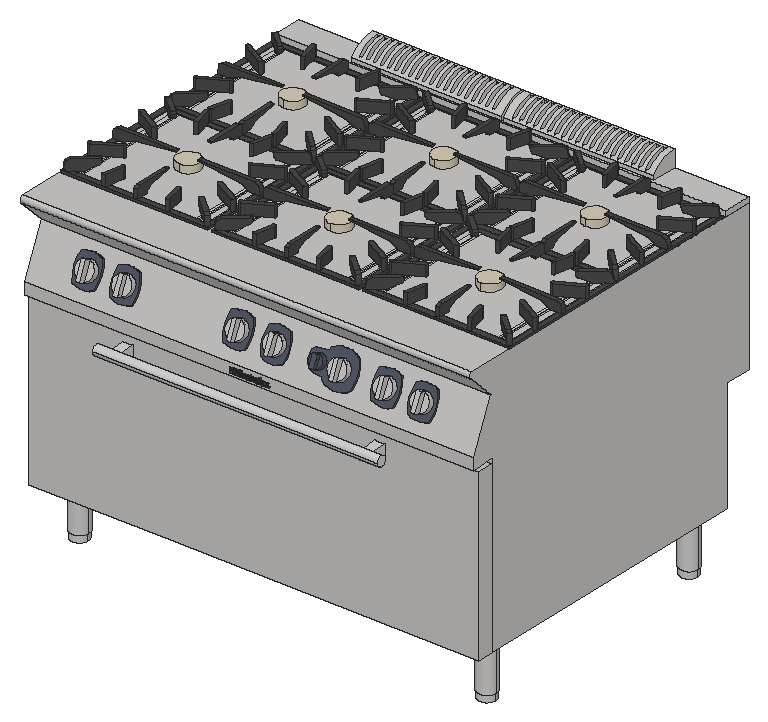
Revit family "QF_ELECTROLUXPROFESSIONAL_391581_E9AAOTBJMII", category Attrezzature speciali, Revit 2018 (continued)
Automatic sketch dimensions
  Extrusion 7 sketch curve to Extrusion 7 sketch curve = 1.139 mm
  Extrusion 7 sketch curve to Extrusion 7 sketch curve = 3.102 mm
  Extrusion 7 sketch curve to Extrusion 7 sketch curve = 4.032 mm
  Extrusion 7 sketch curve to Extrusion 7 sketch curve = 0.404 mm
  Extrusion 7 sketch curve to Extrusion 7 sketch curve = 5.898 mm
  plane 11 to Extrusion 7 sketch curve = 8.549 mm
  Extrusion 7 sketch curve to plane 11 = 30 mm
  Extrusion 7 sketch curve to plane 10 = 298.908 mm
  Extrusion 7 sketch curve to Extrusion 7 sketch curve = 3.343 mm
  Extrusion 7 sketch curve to Extrusion 7 sketch curve = 2.066 mm
  Extrusion 7 sketch curve to Extrusion 7 sketch curve = 5.312 mm
  Extrusion 7 sketch curve to Extrusion 7 sketch curve = 28.009 mm
  plane 11 to Extrusion 8 sketch curve = 22.852 mm
  Extrusion 8 sketch curve to Extrusion 8 sketch curve = 0 mm  (x2)
  Extrusion 8 sketch curve to Extrusion 8 sketch curve = 1.139 mm
  Extrusion 8 sketch curve to Extrusion 8 sketch curve = 3.102 mm
  Extrusion 8 sketch curve to Extrusion 8 sketch curve = 4.032 mm
  Extrusion 8 sketch curve to Extrusion 8 sketch curve = 0.404 mm
  Extrusion 8 sketch curve to Extrusion 8 sketch curve = 5.898 mm
  plane 11 to Extrusion 8 sketch curve = 8.549 mm
  Extrusion 8 sketch curve to plane 11 = 30 mm
  Extrusion 8 sketch curve to plane 10 = 270.899 mm
  Extrusion 8 sketch curve to Extrusion 8 sketch curve = 2.705 mm
  Extrusion 8 sketch curve to Extrusion 8 sketch curve = 5.987 mm
  Extrusion 8 sketch curve to Extrusion 8 sketch curve = 5.312 mm
  Extrusion 8 sketch curve to Extrusion 8 sketch curve = 28.009 mm
  plane 11 to Extrusion 9 sketch curve = 19.749 mm
  Extrusion 9 sketch curve to plane 10 = 279.591 mm
  Extrusion 10 sketch curve to plane 18 = 228.904 mm
  Extrusion 10 sketch curve to Extrusion 10 sketch curve = 0 mm
  Extrusion 10 sketch curve to Extrusion 10 sketch curve = 12.3 mm  (x3)
  Extrusion 10 sketch curve to Extrusion 10 sketch curve = 34.925 mm  (x2)
  Extrusion 10 sketch curve to Extrusion 10 sketch curve = 46.691 mm
  Extrusion 10 sketch curve to Extrusion 10 sketch curve = 0.617 mm
  Extrusion 10 sketch curve to Extrusion 10 sketch curve = 28.57 mm
  Extrusion 10 sketch curve to Extrusion 10 sketch curve = 29.185 mm
  Extrusion 12 sketch curve to Extrusion 12 sketch curve = 24.732 mm
  Extrusion 12 sketch curve to Extrusion 12 sketch curve = 0 mm
  Extrusion 13 sketch curve to Extrusion 13 sketch curve = 0 mm  (x2)
  plane 7 "Center Y" to Extrusion 13 sketch curve = 190.859 mm
  Extrusion 13 sketch curve to Extrusion 13 sketch curve = 112.63 mm
  Extrusion 13 sketch curve to Extrusion 13 sketch curve = 1.398 mm
  Extrusion 13 sketch curve to Extrusion 13 sketch curve = 5.918 mm
  Extrusion 13 sketch curve to Extrusion 13 sketch curve = 7.825 mm
  Extrusion 13 sketch curve to Extrusion 13 sketch curve = 12.433 mm
  Extrusion 13 sketch curve to Extrusion 13 sketch curve = 33.329 mm
  Extrusion 13 sketch curve to Extrusion 13 sketch curve = 28.808 mm
  Extrusion 13 sketch curve to Extrusion 13 sketch curve = 2.986 mm
  Extrusion 13 sketch curve to Extrusion 13 sketch curve = 35.441 mm
  Extrusion 13 sketch curve to Extrusion 13 sketch curve = 23.969 mm
  Extrusion 13 sketch curve to Extrusion 13 sketch curve = 31.993 mm
  Extrusion 13 sketch curve to Extrusion 13 sketch curve = 0.131 mm
  Extrusion 13 sketch curve to Extrusion 13 sketch curve = 36.738 mm
  Extrusion 13 sketch curve to Extrusion 13 sketch curve = 6.105 mm
  Extrusion 13 sketch curve to Extrusion 13 sketch curve = 30.968 mm
  Extrusion 13 sketch curve to Extrusion 13 sketch curve = 0.002 mm
  Extrusion 13 sketch curve to Extrusion 13 sketch curve = 38.412 mm
  Extrusion 13 sketch curve to Extrusion 13 sketch curve = 39.831 mm
  Extrusion 13 sketch curve to Extrusion 13 sketch curve = 6.427 mm
  Extrusion 13 sketch curve to Extrusion 13 sketch curve = 11.842 mm
  Extrusion 15 sketch curve to Extrusion 15 sketch curve = 24.732 mm
  Extrusion 15 sketch curve to Extrusion 15 sketch curve = 0 mm
  Extrusion 17 sketch curve to Extrusion 17 sketch curve = 0 mm
  Extrusion 17 sketch curve to Extrusion 17 sketch curve = 7.232 mm  (x3)
  Extrusion 17 sketch curve to Extrusion 17 sketch curve = 17.5 mm
  Extrusion 17 sketch curve to Extrusion 17 sketch curve = 5.786 mm
  Extrusion 18 sketch curve to plane 17 = 61.596 mm
  Extrusion 18 sketch curve to Extrusion 18 sketch curve = 0 mm
  Extrusion 18 sketch curve to Extrusion 18 sketch curve = 12.3 mm  (x3)
  Extrusion 18 sketch curve to Extrusion 18 sketch curve = 34.925 mm  (x2)
  Extrusion 18 sketch curve to plane 17 = 35.869 mm
  Extrusion 18 sketch curve to Extrusion 18 sketch curve = 46.691 mm
  Extrusion 18 sketch curve to Extrusion 18 sketch curve = 26.344 mm
  Extrusion 18 sketch curve to Extrusion 18 sketch curve = 28.57 mm
  Extrusion 20 sketch curve to Extrusion 20 sketch curve = 24.732 mm
  Extrusion 20 sketch curve to Extrusion 20 sketch curve = 0 mm
  Extrusion 21 sketch curve to plane 17 = 161.596 mm
  Extrusion 21 sketch curve to Extrusion 21 sketch curve = 0 mm
  Extrusion 21 sketch curve to Extrusion 21 sketch curve = 12.3 mm  (x3)
  Extrusion 21 sketch curve to Extrusion 21 sketch curve = 34.925 mm  (x2)
  Extrusion 21 sketch curve to Extrusion 21 sketch curve = 46.691 mm
  Extrusion 21 sketch curve to Extrusion 21 sketch curve = 0.617 mm
  Extrusion 21 sketch curve to Extrusion 21 sketch curve = 28.57 mm
  Extrusion 21 sketch curve to Extrusion 21 sketch curve = 29.185 mm
  Extrusion 23 sketch curve to Extrusion 23 sketch curve = 24.732 mm
  Extrusion 23 sketch curve to Extrusion 23 sketch curve = 0 mm
  Extrusion 24 sketch curve to plane 1 "BACK" = 0 mm
  Extrusion 24 sketch curve to plane 6 "TOP" = 0 mm
  plane 1 "BACK" to Extrusion 24 sketch curve = 1.769 mm
  plane 10 to Extrusion 24 sketch curve = 23.813 mm
  plane 1 "BACK" to Extrusion 24 sketch curve = 69.85 mm
  plane 10 to Extrusion 24 sketch curve = 14.288 mm
  Extrusion 25 sketch curve to plane 18 = 131.404 mm
  Extrusion 25 sketch curve to Extrusion 25 sketch curve = 0 mm
  Extrusion 25 sketch curve to Extrusion 25 sketch curve = 12.3 mm  (x3)
  Extrusion 25 sketch curve to Extrusion 25 sketch curve = 34.925 mm  (x2)
  Extrusion 25 sketch curve to Extrusion 25 sketch curve = 46.691 mm
  Extrusion 25 sketch curve to Extrusion 25 sketch curve = 0.617 mm
  Extrusion 25 sketch curve to Extrusion 25 sketch curve = 28.57 mm
  Extrusion 25 sketch curve to Extrusion 25 sketch curve = 29.185 mm
  Extrusion 27 sketch curve to Extrusion 27 sketch curve = 24.732 mm
  Extrusion 27 sketch curve to Extrusion 27 sketch curve = 0 mm
  Extrusion 28 sketch curve to plane 7 "Center Y" = 79.904 mm
  Extrusion 28 sketch curve to plane 7 "Center Y" = 21.528 mm
  Extrusion 28 sketch curve to Extrusion 28 sketch curve = 0 mm
  Extrusion 28 sketch curve to Extrusion 28 sketch curve = 12.3 mm  (x3)
  plane 7 "Center Y" to Extrusion 28 sketch curve = 3.586 mm
  Extrusion 28 sketch curve to Extrusion 28 sketch curve = 34.925 mm  (x2)
  Extrusion 28 sketch curve to Extrusion 28 sketch curve = 46.691 mm
  Extrusion 28 sketch curve to plane 7 "Center Y" = 22.141 mm
  Extrusion 30 sketch curve to Extrusion 30 sketch curve = 24.732 mm
  Extrusion 30 sketch curve to Extrusion 30 sketch curve = 0 mm
  plane 7 "Center Y" to Extrusion 31 sketch curve = 20.096 mm
  Extrusion 31 sketch curve to Extrusion 31 sketch curve = 0 mm
  Extrusion 31 sketch curve to Extrusion 31 sketch curve = 12.3 mm  (x3)
  Extrusion 31 sketch curve to Extrusion 31 sketch curve = 34.925 mm  (x2)
  Extrusion 31 sketch curve to plane 7 "Center Y" = 5.631 mm
  Extrusion 31 sketch curve to Extrusion 31 sketch curve = 46.691 mm
  plane 7 "Center Y" to Extrusion 31 sketch curve = 20.714 mm
  Extrusion 31 sketch curve to Extrusion 31 sketch curve = 25.114 mm
  Extrusion 33 sketch curve to Extrusion 33 sketch curve = 24.732 mm
  Extrusion 33 sketch curve to Extrusion 33 sketch curve = 0 mm
  plane 7 "Center Y" to Extrusion 34 sketch curve = 21.292 mm
  Extrusion 34 sketch curve to plane 10 = 237.967 mm
  Extrusion 34 sketch curve to plane 7 "Center Y" = 13.807 mm
  Extrusion 34 sketch curve to Extrusion 34 sketch curve = 5.041 mm
  plane 7 "Center Y" to Extrusion 34 sketch curve = 5.969 mm
  Extrusion 34 sketch curve to Extrusion 34 sketch curve = 5.06 mm
  Extrusion 34 sketch curve to Extrusion 34 sketch curve = 0 mm  (x27)
  Extrusion 34 sketch curve to Extrusion 34 sketch curve = 5.108 mm  (x2)
  Extrusion 34 sketch curve to Extrusion 34 sketch curve = 0.054 mm
  Extrusion 34 sketch curve to Extrusion 34 sketch curve = 0.218 mm
  Extrusion 34 sketch curve to Extrusion 34 sketch curve = 0.195 mm
  Extrusion 34 sketch curve to Extrusion 34 sketch curve = 0.249 mm
  Extrusion 34 sketch curve to Extrusion 34 sketch curve = 0.316 mm
  Extrusion 34 sketch curve to Extrusion 34 sketch curve = 0.087 mm
  Extrusion 34 sketch curve to Extrusion 34 sketch curve = 0.358 mm
  Extrusion 34 sketch curve to Extrusion 34 sketch curve = 0.481 mm
  Extrusion 34 sketch curve to Extrusion 34 sketch curve = 0.597 mm
  Extrusion 34 sketch curve to Extrusion 34 sketch curve = 0.544 mm
  Extrusion 34 sketch curve to Extrusion 34 sketch curve = 0.936 mm
  Extrusion 34 sketch curve to Extrusion 34 sketch curve = 0.594 mm
  Extrusion 34 sketch curve to Extrusion 34 sketch curve = 0.343 mm
  Extrusion 34 sketch curve to Extrusion 34 sketch curve = 0.159 mm
  Extrusion 34 sketch curve to Extrusion 34 sketch curve = 0.826 mm
  Extrusion 34 sketch curve to Extrusion 34 sketch curve = 0.839 mm
  Extrusion 34 sketch curve to Extrusion 34 sketch curve = 0.852 mm
  Extrusion 34 sketch curve to Extrusion 34 sketch curve = 0.887 mm
  Extrusion 34 sketch curve to Extrusion 34 sketch curve = 0.928 mm
  Extrusion 34 sketch curve to Extrusion 34 sketch curve = 0.938 mm
  Extrusion 34 sketch curve to Extrusion 34 sketch curve = 0.444 mm
  Extrusion 34 sketch curve to Extrusion 34 sketch curve = 1.11 mm  (x3)
  plane 7 "Center Y" to Extrusion 34 sketch curve = 43.726 mm
  Extrusion 34 sketch curve to Extrusion 34 sketch curve = 0.215 mm
  plane 7 "Center Y" to Extrusion 34 sketch curve = 0.332 mm
  Extrusion 34 sketch curve to Extrusion 34 sketch curve = 1.43 mm
  Extrusion 34 sketch curve to Extrusion 34 sketch curve = 1.188 mm
  Extrusion 34 sketch curve to Extrusion 34 sketch curve = 1.21 mm  (x2)
  Extrusion 34 sketch curve to Extrusion 34 sketch curve = 0.503 mm
  plane 7 "Center Y" to Extrusion 34 sketch curve = 48.995 mm
  Extrusion 34 sketch curve to Extrusion 34 sketch curve = 0.488 mm
  plane 7 "Center Y" to Extrusion 34 sketch curve = 52.922 mm
  Extrusion 34 sketch curve to Extrusion 34 sketch curve = 0.462 mm
  Extrusion 34 sketch curve to Extrusion 34 sketch curve = 1.386 mm
  Extrusion 34 sketch curve to Extrusion 34 sketch curve = 1.742 mm
  Extrusion 34 sketch curve to Extrusion 34 sketch curve = 0.821 mm
  Extrusion 34 sketch curve to Extrusion 34 sketch curve = 0.497 mm
  Extrusion 34 sketch curve to Extrusion 34 sketch curve = 0.539 mm
  Extrusion 34 sketch curve to Extrusion 34 sketch curve = 0.686 mm
  Extrusion 34 sketch curve to plane 7 "Center Y" = 0.042 mm
  Extrusion 34 sketch curve to Extrusion 34 sketch curve = 0.408 mm
  Extrusion 34 sketch curve to Extrusion 34 sketch curve = 0.743 mm
  Extrusion 34 sketch curve to Extrusion 34 sketch curve = 1.16 mm
  Extrusion 34 sketch curve to Extrusion 34 sketch curve = 0.329 mm
  Extrusion 34 sketch curve to Extrusion 34 sketch curve = 1.054 mm
  Extrusion 34 sketch curve to Extrusion 34 sketch curve = 1.056 mm
  Extrusion 34 sketch curve to Extrusion 34 sketch curve = 0.129 mm
  Extrusion 34 sketch curve to Extrusion 34 sketch curve = 0.489 mm
  Extrusion 34 sketch curve to plane 7 "Center Y" = 0.376 mm
  Extrusion 34 sketch curve to Extrusion 34 sketch curve = 0.441 mm
  Extrusion 34 sketch curve to Extrusion 34 sketch curve = 1.151 mm
  Extrusion 34 sketch curve to Extrusion 34 sketch curve = 1.141 mm  (x2)
  Extrusion 34 sketch curve to Extrusion 34 sketch curve = 0.768 mm
  Extrusion 34 sketch curve to Extrusion 34 sketch curve = 1.653 mm
  Extrusion 34 sketch curve to Extrusion 34 sketch curve = 0.499 mm
  Extrusion 34 sketch curve to Extrusion 34 sketch curve = 0.964 mm
  Extrusion 34 sketch curve to Extrusion 34 sketch curve = 0.949 mm
  Extrusion 34 sketch curve to Extrusion 34 sketch curve = 1.345 mm  (x3)
  Extrusion 34 sketch curve to Extrusion 34 sketch curve = 1.101 mm
  Extrusion 34 sketch curve to Extrusion 34 sketch curve = 0.432 mm
  Extrusion 34 sketch curve to Extrusion 34 sketch curve = 1.142 mm
  Extrusion 34 sketch curve to Extrusion 34 sketch curve = 0.959 mm
  Extrusion 34 sketch curve to Extrusion 34 sketch curve = 0.176 mm
  Extrusion 34 sketch curve to Extrusion 34 sketch curve = 0.728 mm
  Extrusion 34 sketch curve to Extrusion 34 sketch curve = 3.375 mm  (x2)
  Extrusion 34 sketch curve to Extrusion 34 sketch curve = 0.541 mm
  Extrusion 34 sketch curve to Extrusion 34 sketch curve = 0.955 mm
  Extrusion 34 sketch curve to Extrusion 34 sketch curve = 1.251 mm
  Extrusion 34 sketch curve to Extrusion 34 sketch curve = 0.572 mm
  plane 7 "Center Y" to Extrusion 34 sketch curve = 47.619 mm
  Extrusion 34 sketch curve to Extrusion 34 sketch curve = 1.92 mm
  Extrusion 34 sketch curve to Extrusion 34 sketch curve = 1.224 mm
  Extrusion 34 sketch curve to Extrusion 34 sketch curve = 0.745 mm
  Extrusion 34 sketch curve to Extrusion 34 sketch curve = 0.036 mm
  Extrusion 34 sketch curve to Extrusion 34 sketch curve = 0.896 mm  (x3)
  Extrusion 34 sketch curve to Extrusion 34 sketch curve = 2.607 mm
  Extrusion 34 sketch curve to Extrusion 34 sketch curve = 0.066 mm
  Extrusion 34 sketch curve to Extrusion 34 sketch curve = 0.248 mm
  Extrusion 34 sketch curve to Extrusion 34 sketch curve = 0.449 mm
  plane 7 "Center Y" to Extrusion 34 sketch curve = 46.838 mm
  Extrusion 34 sketch curve to Extrusion 34 sketch curve = 1.052 mm
  Extrusion 34 sketch curve to Extrusion 34 sketch curve = 1.863 mm
  Extrusion 34 sketch curve to Extrusion 34 sketch curve = 1.31 mm  (x2)
  Extrusion 34 sketch curve to Extrusion 34 sketch curve = 0.901 mm
  Extrusion 34 sketch curve to Extrusion 34 sketch curve = 1.107 mm
  Extrusion 34 sketch curve to Extrusion 34 sketch curve = 2.122 mm
  Extrusion 34 sketch curve to Extrusion 34 sketch curve = 2.101 mm
  Extrusion 34 sketch curve to Extrusion 34 sketch curve = 0.106 mm
  Extrusion 34 sketch curve to Extrusion 34 sketch curve = 0.029 mm
  plane 7 "Center Y" to Extrusion 34 sketch curve = 49.641 mm
  Extrusion 34 sketch curve to Extrusion 34 sketch curve = 2.09 mm
  Extrusion 34 sketch curve to Extrusion 34 sketch curve = 1.279 mm
  Extrusion 34 sketch curve to Extrusion 34 sketch curve = 2.008 mm
  Extrusion 34 sketch curve to Extrusion 34 sketch curve = 0.738 mm
  Extrusion 34 sketch curve to Extrusion 34 sketch curve = 0.382 mm
  Extrusion 34 sketch curve to Extrusion 34 sketch curve = 0.384 mm
  Extrusion 34 sketch curve to Extrusion 34 sketch curve = 0.002 mm
  Extrusion 34 sketch curve to Extrusion 34 sketch curve = 0.561 mm
  Extrusion 34 sketch curve to Extrusion 34 sketch curve = 0.592 mm
  Extrusion 34 sketch curve to Extrusion 34 sketch curve = 2.692 mm
  Extrusion 34 sketch curve to Extrusion 34 sketch curve = 1.259 mm
  plane 7 "Center Y" to Extrusion 34 sketch curve = 48.858 mm
  Extrusion 34 sketch curve to Extrusion 34 sketch curve = 0.802 mm
  Extrusion 34 sketch curve to Extrusion 34 sketch curve = 1.024 mm
  Extrusion 34 sketch curve to Extrusion 34 sketch curve = 0.682 mm
  Extrusion 34 sketch curve to Extrusion 34 sketch curve = 5.934 mm
  Extrusion 34 sketch curve to Extrusion 34 sketch curve = 2.186 mm
  Extrusion 34 sketch curve to Extrusion 34 sketch curve = 0.337 mm
  Extrusion 34 sketch curve to Extrusion 34 sketch curve = 0.021 mm
  Extrusion 34 sketch curve to Extrusion 34 sketch curve = 1.005 mm
  Extrusion 34 sketch curve to Extrusion 34 sketch curve = 0.552 mm
  Extrusion 34 sketch curve to Extrusion 34 sketch curve = 0.778 mm
  Extrusion 34 sketch curve to Extrusion 34 sketch curve = 0.063 mm
  Extrusion 34 sketch curve to Extrusion 34 sketch curve = 1.023 mm
  Extrusion 34 sketch curve to Extrusion 34 sketch curve = 3.804 mm
  Extrusion 34 sketch curve to Extrusion 34 sketch curve = 0.486 mm
  Extrusion 34 sketch curve to Extrusion 34 sketch curve = 0.266 mm
  Extrusion 34 sketch curve to plane 7 "Center Y" = 0.787 mm
  Extrusion 34 sketch curve to Extrusion 34 sketch curve = 1.547 mm
  Extrusion 34 sketch curve to Extrusion 34 sketch curve = 0.717 mm  (x2)
  Extrusion 34 sketch curve to Extrusion 34 sketch curve = 1.667 mm
  plane 7 "Center Y" to Extrusion 34 sketch curve = 44.532 mm
  Extrusion 34 sketch curve to Extrusion 34 sketch curve = 3.174 mm
  plane 7 "Center Y" to Extrusion 34 sketch curve = 0.368 mm
  Extrusion 34 sketch curve to Extrusion 34 sketch curve = 0.388 mm
  Extrusion 34 sketch curve to Extrusion 34 sketch curve = 1.342 mm
  plane 7 "Center Y" to Extrusion 34 sketch curve = 50.135 mm
  Extrusion 34 sketch curve to Extrusion 34 sketch curve = 1.521 mm
  plane 7 "Center Y" to Extrusion 34 sketch curve = 51.694 mm
  Extrusion 34 sketch curve to Extrusion 34 sketch curve = 0.124 mm
  Extrusion 34 sketch curve to Extrusion 34 sketch curve = 0.291 mm
  plane 7 "Center Y" to Extrusion 34 sketch curve = 7.285 mm
  Extrusion 34 sketch curve to Extrusion 34 sketch curve = 1.049 mm  (x2)
  plane 7 "Center Y" to Extrusion 34 sketch curve = 47.668 mm
  Extrusion 34 sketch curve to Extrusion 34 sketch curve = 1.7 mm
  Extrusion 34 sketch curve to Extrusion 34 sketch curve = 0.894 mm
  Extrusion 34 sketch curve to Extrusion 34 sketch curve = 0.989 mm
  Extrusion 34 sketch curve to Extrusion 34 sketch curve = 1.168 mm
  Extrusion 34 sketch curve to Extrusion 34 sketch curve = 1.594 mm
  Extrusion 34 sketch curve to Extrusion 34 sketch curve = 0.731 mm
  Extrusion 34 sketch curve to Extrusion 34 sketch curve = 1.566 mm
  Extrusion 34 sketch curve to Extrusion 34 sketch curve = 0.064 mm
  plane 7 "Center Y" to Extrusion 34 sketch curve = 7.842 mm
  Extrusion 34 sketch curve to Extrusion 34 sketch curve = 0.556 mm
  Extrusion 34 sketch curve to Extrusion 34 sketch curve = 0.48 mm
  Extrusion 34 sketch curve to Extrusion 34 sketch curve = 0.228 mm
  Extrusion 34 sketch curve to Extrusion 34 sketch curve = 1.018 mm
  plane 7 "Center Y" to Extrusion 34 sketch curve = 37.429 mm
  Extrusion 34 sketch curve to Extrusion 34 sketch curve = 0.787 mm
  Extrusion 34 sketch curve to Extrusion 34 sketch curve = 0.618 mm
  plane 7 "Center Y" to Extrusion 34 sketch curve = 42.486 mm
  Extrusion 34 sketch curve to Extrusion 34 sketch curve = 1.672 mm
  plane 7 "Center Y" to Extrusion 34 sketch curve = 53.436 mm
  Extrusion 34 sketch curve to Extrusion 34 sketch curve = 1.361 mm
  Extrusion 34 sketch curve to Extrusion 34 sketch curve = 0.822 mm
  Extrusion 34 sketch curve to Extrusion 34 sketch curve = 0.069 mm
  Extrusion 34 sketch curve to Extrusion 34 sketch curve = 1.88 mm
  plane 7 "Center Y" to Extrusion 34 sketch curve = 35.269 mm
  Extrusion 34 sketch curve to Extrusion 34 sketch curve = 0.42 mm
  Extrusion 34 sketch curve to Extrusion 34 sketch curve = 0.062 mm
  Extrusion 34 sketch curve to Extrusion 34 sketch curve = 1.355 mm
  Extrusion 34 sketch curve to Extrusion 34 sketch curve = 2.34 mm
  Extrusion 34 sketch curve to Extrusion 34 sketch curve = 0.493 mm
  Extrusion 34 sketch curve to Extrusion 34 sketch curve = 0.136 mm
  Extrusion 34 sketch curve to Extrusion 34 sketch curve = 0.128 mm
  Extrusion 34 sketch curve to Extrusion 34 sketch curve = 3.616 mm
  Extrusion 34 sketch curve to Extrusion 34 sketch curve = 4.207 mm
  Extrusion 34 sketch curve to Extrusion 34 sketch curve = 0.183 mm
  Extrusion 34 sketch curve to Extrusion 34 sketch curve = 0.895 mm
  Extrusion 34 sketch curve to Extrusion 34 sketch curve = 1.314 mm
  Extrusion 34 sketch curve to Extrusion 34 sketch curve = 3.231 mm
  Extrusion 34 sketch curve to plane 7 "Center Y" = 23.526 mm
  Extrusion 34 sketch curve to Extrusion 34 sketch curve = 1.299 mm
  Extrusion 34 sketch curve to Extrusion 34 sketch curve = 1.214 mm
  plane 7 "Center Y" to Extrusion 34 sketch curve = 26.369 mm
  Extrusion 34 sketch curve to Extrusion 34 sketch curve = 1.264 mm
  Extrusion 34 sketch curve to Extrusion 34 sketch curve = 0.109 mm
  Extrusion 34 sketch curve to Extrusion 34 sketch curve = 0.357 mm
  Extrusion 34 sketch curve to Extrusion 34 sketch curve = 0.565 mm
  Extrusion 34 sketch curve to Extrusion 34 sketch curve = 2.504 mm
  Extrusion 34 sketch curve to Extrusion 34 sketch curve = 2.459 mm
  Extrusion 34 sketch curve to Extrusion 34 sketch curve = 0.983 mm
  Extrusion 34 sketch curve to Extrusion 34 sketch curve = 0.422 mm  (x2)
  Extrusion 34 sketch curve to Extrusion 34 sketch curve = 1.268 mm
  Extrusion 34 sketch curve to Extrusion 34 sketch curve = 0.671 mm
  Extrusion 34 sketch curve to Extrusion 34 sketch curve = 1.634 mm
  Extrusion 34 sketch curve to Extrusion 34 sketch curve = 0.132 mm
  Extrusion 34 sketch curve to Extrusion 34 sketch curve = 0.586 mm
  Extrusion 34 sketch curve to Extrusion 34 sketch curve = 1.241 mm
  Extrusion 34 sketch curve to Extrusion 34 sketch curve = 1.689 mm
  Extrusion 34 sketch curve to Extrusion 34 sketch curve = 0.627 mm
  Extrusion 34 sketch curve to Extrusion 34 sketch curve = 0.419 mm
  Extrusion 34 sketch curve to Extrusion 34 sketch curve = 1.514 mm
  Extrusion 34 sketch curve to Extrusion 34 sketch curve = 1.019 mm
  Extrusion 34 sketch curve to Extrusion 34 sketch curve = 0.065 mm
  Extrusion 34 sketch curve to Extrusion 34 sketch curve = 1.215 mm
  Extrusion 34 sketch curve to Extrusion 34 sketch curve = 1.122 mm
  Extrusion 34 sketch curve to Extrusion 34 sketch curve = 1.153 mm
  Extrusion 34 sketch curve to Extrusion 34 sketch curve = 1.223 mm
  Extrusion 34 sketch curve to Extrusion 34 sketch curve = 0.934 mm
  Extrusion 34 sketch curve to Extrusion 34 sketch curve = 3.376 mm
  Extrusion 34 sketch curve to Extrusion 34 sketch curve = 0.222 mm
  Extrusion 34 sketch curve to Extrusion 34 sketch curve = 1.383 mm
  Extrusion 34 sketch curve to Extrusion 34 sketch curve = 1.556 mm
  Extrusion 34 sketch curve to Extrusion 34 sketch curve = 2.559 mm
  Extrusion 34 sketch curve to Extrusion 34 sketch curve = 2.51 mm
  Extrusion 34 sketch curve to Extrusion 34 sketch curve = 0.131 mm
  Extrusion 34 sketch curve to Extrusion 34 sketch curve = 1.134 mm
  Extrusion 34 sketch curve to Extrusion 34 sketch curve = 0.094 mm
  Extrusion 34 sketch curve to Extrusion 34 sketch curve = 1.584 mm
  Extrusion 34 sketch curve to Extrusion 34 sketch curve = 0.27 mm
  Extrusion 34 sketch curve to Extrusion 34 sketch curve = 0.916 mm
  Extrusion 34 sketch curve to Extrusion 34 sketch curve = 0.352 mm
  Extrusion 34 sketch curve to Extrusion 34 sketch curve = 0.458 mm
  Extrusion 34 sketch curve to Extrusion 34 sketch curve = 1.282 mm
  Extrusion 34 sketch curve to Extrusion 34 sketch curve = 1.363 mm
  Extrusion 34 sketch curve to Extrusion 34 sketch curve = 0.685 mm
  Extrusion 34 sketch curve to Extrusion 34 sketch curve = 0.905 mm
  Extrusion 34 sketch curve to Extrusion 34 sketch curve = 1.477 mm
  Extrusion 34 sketch curve to Extrusion 34 sketch curve = 0.472 mm
  Extrusion 34 sketch curve to Extrusion 34 sketch curve = 0.101 mm
  Extrusion 34 sketch curve to Extrusion 34 sketch curve = 0.54 mm
  Extrusion 34 sketch curve to Extrusion 34 sketch curve = 0.02 mm
  Extrusion 34 sketch curve to Extrusion 34 sketch curve = 0.829 mm
  Extrusion 34 sketch curve to Extrusion 34 sketch curve = 0.582 mm
  Extrusion 34 sketch curve to Extrusion 34 sketch curve = 0.166 mm
  Extrusion 34 sketch curve to Extrusion 34 sketch curve = 0.16 mm
  Extrusion 34 sketch curve to Extrusion 34 sketch curve = 1.118 mm
  Extrusion 34 sketch curve to Extrusion 34 sketch curve = 0.613 mm
  Extrusion 34 sketch curve to Extrusion 34 sketch curve = 0.781 mm
  Extrusion 34 sketch curve to Extrusion 34 sketch curve = 0.361 mm
  Extrusion 34 sketch curve to Extrusion 34 sketch curve = 0.897 mm
  Extrusion 34 sketch curve to Extrusion 34 sketch curve = 0.167 mm
  Extrusion 34 sketch curve to Extrusion 34 sketch curve = 0.292 mm
  Extrusion 34 sketch curve to Extrusion 34 sketch curve = 0.305 mm
  Extrusion 34 sketch curve to Extrusion 34 sketch curve = 1.557 mm
  Extrusion 34 sketch curve to Extrusion 34 sketch curve = 2.499 mm
  Extrusion 34 sketch curve to Extrusion 34 sketch curve = 3.062 mm
  Extrusion 34 sketch curve to Extrusion 34 sketch curve = 2.968 mm
  Extrusion 34 sketch curve to Extrusion 34 sketch curve = 5.044 mm
  Extrusion 34 sketch curve to Extrusion 34 sketch curve = 0.629 mm  (x2)
  Extrusion 34 sketch curve to Extrusion 34 sketch curve = 1.131 mm
  Extrusion 34 sketch curve to Extrusion 34 sketch curve = 0.137 mm
  Extrusion 34 sketch curve to Extrusion 34 sketch curve = 0.027 mm
  Extrusion 34 sketch curve to Extrusion 34 sketch curve = 2.046 mm
  Extrusion 34 sketch curve to Extrusion 34 sketch curve = 2.235 mm
  Revolve 35 sketch curve to plane 9 "Base" = 0 mm  (x2)
  Revolve 35 sketch curve to level = 0 mm
  Revolve 35 sketch curve to plane 18 = 0 mm  (x2)
  Revolve 35 sketch curve to Revolve 35 sketch curve = 22.9 mm
  Revolve 35 sketch curve to Revolve 35 sketch curve = 2.5 mm
  plane 9 "Base" to Revolve 35 sketch curve = 20 mm
  level to Revolve 35 sketch curve = 19.05 mm
  Revolve 36 sketch curve to plane 9 "Base" = 0 mm  (x2)
  Revolve 36 sketch curve to level = 0 mm
  Revolve 36 sketch curve to plane 18 = 0 mm  (x2)
  Revolve 36 sketch curve to Revolve 36 sketch curve = 22.9 mm
  Revolve 36 sketch curve to Revolve 36 sketch curve = 2.5 mm
  plane 9 "Base" to Revolve 36 sketch curve = 20 mm
  level to Revolve 36 sketch curve = 19.05 mm
  Extrusion 37 sketch curve to Extrusion 1 = 43 mm
  Extrusion 37 sketch curve to Extrusion 1 = 276.222 mm
  plane 1 "BACK" to Extrusion 38 sketch curve = 63.911 mm  (x2)
  Extrusion 38 sketch curve to plane 18 = 156.447 mm
  Extrusion 38 sketch curve to Extrusion 38 sketch curve = 9.296 mm  (x20)
  Extrusion 38 sketch curve to Extrusion 38 sketch curve = 9.397 mm  (x19)
  Extrusion 38 sketch curve to Extrusion 38 sketch curve = 0 mm  (x18)
  plane 1 "BACK" to Extrusion 38 sketch curve = 6.761 mm  (x20)
  Revolve 39 sketch curve to plane 9 "Base" = 0 mm  (x2)
  Revolve 39 sketch curve to level = 0 mm
  plane 17 to Revolve 39 sketch curve = 0 mm  (x2)
  plane 17 to Revolve 39 sketch curve = 22.9 mm
  Revolve 39 sketch curve to Revolve 39 sketch curve = 2.5 mm
  level to Revolve 39 sketch curve = 19.05 mm
  plane 9 "Base" to Revolve 39 sketch curve = 20 mm
  Revolve 40 sketch curve to plane 9 "Base" = 0 mm  (x2)
  Revolve 40 sketch curve to level = 0 mm
  plane 17 to Revolve 40 sketch curve = 0 mm  (x2)
  plane 17 to Revolve 40 sketch curve = 22.9 mm
  Revolve 40 sketch curve to Revolve 40 sketch curve = 2.5 mm
  level to Revolve 40 sketch curve = 19.05 mm
  plane 9 "Base" to Revolve 40 sketch curve = 20 mm
  Extrusion 41 sketch curve to plane 1 "BACK" = 0 mm
  Extrusion 41 sketch curve to plane 6 "TOP" = 0 mm
  plane 1 "BACK" to Extrusion 41 sketch curve = 1.769 mm
  plane 10 to Extrusion 41 sketch curve = 23.813 mm
  plane 1 "BACK" to Extrusion 41 sketch curve = 69.85 mm
  plane 10 to Extrusion 41 sketch curve = 14.288 mm
  plane 1 "BACK" to Extrusion 42 sketch curve = 63.911 mm  (x2)
  Extrusion 42 sketch curve to plane 17 = 156.447 mm
  Extrusion 42 sketch curve to Extrusion 42 sketch curve = 9.296 mm  (x20)
  Extrusion 42 sketch curve to Extrusion 42 sketch curve = 9.397 mm  (x19)
  Extrusion 42 sketch curve to Extrusion 42 sketch curve = 0 mm  (x18)
  plane 1 "BACK" to Extrusion 42 sketch curve = 6.761 mm  (x20)
  radius of Extrusion 4 sketch curve = 6.4 mm
  radius of Extrusion 9 sketch curve = 12.7 mm
  radius of Extrusion 11 sketch curve = 25.4 mm
  radius of Extrusion 12 sketch curve to Extrusion 11 = 0 mm  (x2)
  radius of Extrusion 14 sketch curve = 25.4 mm
  radius of Extrusion 15 sketch curve to Extrusion 14 = 0 mm  (x2)
  radius of Extrusion 16 sketch curve = 18.37 mm
  radius of Extrusion 19 sketch curve = 25.4 mm
  radius of Extrusion 20 sketch curve to Extrusion 19 = 0 mm  (x2)
  radius of Extrusion 22 sketch curve = 25.4 mm
  radius of Extrusion 23 sketch curve to Extrusion 22 = 0 mm  (x2)
  radius of Extrusion 26 sketch curve = 25.4 mm
  radius of Extrusion 27 sketch curve to Extrusion 26 = 0 mm  (x2)
  radius of Extrusion 29 sketch curve = 25.4 mm
  radius of Extrusion 30 sketch curve to Extrusion 29 = 0 mm  (x2)
  radius of Extrusion 32 sketch curve = 25.4 mm
  radius of Extrusion 33 sketch curve to Extrusion 32 = 0 mm  (x2)
  radius of Extrusion 37 sketch curve = 12.7 mm
Nested families
  nested 1: "371009_BURNER" at (0, -440.6, 0), type "371009_BURNER"
    with Type Mark "", Status "", Specification by User "", Revision Code "", Item Number "", Installed By "", Identify Quantity as Lot yes, Furnished By "", Foodservice Equipment Identifier yes
  nested 2: "371009_BURNER" at (403.15, -440.6, 0), type "371009_BURNER"
    with Type Mark "", Status "", Specification by User "", Revision Code "", Item Number "", Installed By "", Identify Quantity as Lot yes, Furnished By "", Foodservice Equipment Identifier yes
  nested 3: "371009_BURNER" at (1200, -440.6, 0) x (-1, 0, 0) z (0, 0, 1), type "371009_BURNER"
    with Type Mark "", Status "", Specification by User "", Revision Code "", Item Number "", Installed By "", Identify Quantity as Lot yes, Furnished By "", Foodservice Equipment Identifier yes
  nested 4: "371009_BURNER" at (0, -440.6, 0), type "371009_BURNER"
    with Type Mark "", Status "", Specification by User "", Revision Code "", Item Number "", Installed By "", Identify Quantity as Lot yes, Furnished By "", Foodservice Equipment Identifier yes
  nested 5: "371009_BURNER" at (403.15, -440.6, 0), type "371009_BURNER"
    with Type Mark "", Status "", Specification by User "", Revision Code "", Item Number "", Installed By "", Identify Quantity as Lot yes, Furnished By "", Foodservice Equipment Identifier yes
  nested 6: "371009_BURNER" at (1200, -440.6, 0) x (-1, 0, 0) z (0, 0, 1), type "371009_BURNER"
    with Type Mark "", Status "", Specification by User "", Revision Code "", Item Number "", Installed By "", Identify Quantity as Lot yes, Furnished By "", Foodservice Equipment Identifier yes
Connectors
  piping at (1148, -666, 129), diameter 12.8
    settings: on Extrusion 4, index 1, connector inside diameter 0.50394", connector length 0 mm, flow factor 0, pipe flow 0 GPM, pressure drop 0.00 psi, fitting loss kfactor 0, connector angle 0.00°, fixture units 0, engagement length 0 mm, angle of deflection 0.00°, flow configuration 1, flow direction 1, fitting loss method 0, system type 7, joint type 0, gender type 0, connector reference index -1, connector utility 0, adjustable connector no, is connector primary yes, connector description "GAS CONNECTION"
Definition of nested family "371009_BURNER"
  Parameters
    Weight in Pounds = 0
    URL Cutsheet = ""
    URL = "www.electrolux.com"
    Type Mark [instance] = ""
    Status [instance] = ""
    Specification by User [instance] = ""
    Specification by Manufacturer = ""
    Show Clearance [instance] = yes
    Serial Number = ""
    Seismic Rating = ""
    SMACNA No = ""
    Revision Code [instance] = ""
    Omniclass Number and Title = ""
    NAFEM Spec ID Number = ""
    Model = "371009"
    Masterspec = ""
    Manufacturer = "ELECTROLUX"
    Item Number [instance] = ""
    Installed By [instance] = ""
    Identify Quantity as Lot [instance] = yes
    Furnished By [instance] = ""
    Foodservice Equipment Identifier [instance] = yes
    Description = ""
    CSI MasterFormat = ""
    CSI Master Format = ""
  Reference planes
    plane 1 "BACK": y = 0
    plane 2: z = 0
    plane 3 "LEFT": x = 0
    plane 4 "RIGHT": x = 393.7
    plane 5 "FRONT": y = -355.6
    plane 6 "TOP": z = 908.85
    plane 7 "Center Y": x = 196.85
    plane 8 "Center X": y = -177.8
    plane 9 "Base": z = 150
    plane 10: z = 850.85
  Forms (mm)
    Extrusion 1, solid
      sketch origin (-6.433, -404.961, 5) x (1, 0, 0) y (0, 0, -1)
        loop
          arc (7.142, -850.85) -> (6.739, -862.989) -> (9.761, -874.752) r 42.809
          line (9.761, -874.752) -> (19.961, -879.425) -> (173.122, -879.425)
          arc (173.122, -879.425) -> (174.316, -878.312) -> (173.289, -877.043) r 1.197
          line (173.289, -877.043) -> (64.848, -864.021)
          arc (64.848, -864.021) -> (50.111, -858.738) -> (36.589, -850.85) r 85.245
          line (36.589, -850.85) -> (7.142, -850.85)
        loop
          line (399.424, -850.85) -> (369.977, -850.85)
          arc (369.977, -850.85) -> (356.455, -858.738) -> (341.718, -864.021) r 85.245
          line (341.718, -864.021) -> (233.277, -877.043)
          arc (233.277, -877.043) -> (232.25, -878.312) -> (233.444, -879.425) r 1.197
          line (233.444, -879.425) -> (386.605, -879.425) -> (396.806, -874.752)
          arc (396.806, -874.752) -> (399.827, -862.989) -> (399.424, -850.85) r 42.809
      from 224.564 to 234.564
    Extrusion 2, solid
      sketch origin (196.85, 175.397, 1219.2) x (0, 1, 0) y (0, 0, 1)
        loop
          line (-204.463, -363.35) -> (-175.397, -363.35) -> (-175.397, -339.506)
          arc (-175.397, -339.506) -> (-181.025, -338.266) -> (-185.611, -334.775) r 13.39
          line (-185.611, -334.775) -> (-278.903, -334.775)
          arc (-278.903, -334.775) -> (-280.097, -335.888) -> (-279.07, -337.157) r 1.197
          line (-279.07, -337.157) -> (-227.151, -347.464)
          arc (-227.151, -347.464) -> (-213.741, -352.457) -> (-204.463, -363.35) r 28.426
        loop
          arc (-496.332, -363.35) -> (-487.053, -352.457) -> (-473.644, -347.464) r 28.426
          line (-473.644, -347.464) -> (-421.725, -337.157)
          arc (-421.725, -337.157) -> (-420.697, -335.888) -> (-421.891, -334.775) r 1.197
          line (-421.891, -334.775) -> (-515.184, -334.775)
          arc (-515.184, -334.775) -> (-519.769, -338.266) -> (-525.397, -339.506) r 13.39
          line (-525.397, -339.506) -> (-525.397, -363.35) -> (-496.332, -363.35)
      from -5 to 5
    Extrusion 3, solid
      sketch origin (-6.433, 367.064, 850.85) x (0, -1, 0) y (1, 0, 0)
        loop
          line (722.664, 6.433) -> (722.664, 400.133) -> (367.064, 400.133) -> (367.064, 6.433) -> (722.664, 6.433)
        loop
          line (382.064, 21.433) -> (707.664, 21.433) -> (707.664, 385.133) -> (382.064, 385.133) -> (382.064, 21.433)
      from 0 to 5
    Extrusion 4, solid
      sketch origin (-18.933, 367.064, 855.85) x (0, -1, 0) y (1, 0, 0)
        loop
          circle (541.667, 215.783) r 30
      from -1.321 to 17.134
    Extrusion 5, solid
      sketch origin (-6.433, -367.064, 0) x (1, 0, 0) y (0, 0, -1)
        loop
          line (21.433, -855.85) -> (36.589, -855.85)
          arc (36.589, -855.85) -> (40.561, -855.243) -> (44.305, -853.783) r 18.259
          arc (44.305, -853.783) -> (45.997, -853.366) -> (47.69, -853.783) r 3.649
          arc (47.69, -853.783) -> (49.901, -854.522) -> (52.232, -854.529) r 7.328
          line (52.232, -854.529) -> (354.334, -854.529)
          arc (354.334, -854.529) -> (356.666, -854.522) -> (358.877, -853.783) r 7.328
          arc (358.877, -853.783) -> (360.569, -853.366) -> (362.261, -853.783) r 3.649
          arc (362.261, -853.783) -> (366.005, -855.243) -> (369.977, -855.85) r 18.259
          line (369.977, -855.85) -> (385.133, -855.85) -> (385.133, -850.85) -> (21.433, -850.85) -> (21.433, -855.85)
      from 26.464 to 352.064
    Extrusion 6, solid
      sketch origin (83.284, -458.334, 5) x (0.742103, 0.670286, 0) y (0, 0, -1)
        loop
          arc (88.629, -864.012) -> (73.909, -858.731) -> (60.402, -850.85) r 85.245
          line (60.402, -850.85) -> (14.993, -850.85)
          arc (14.993, -850.85) -> (14.642, -862.948) -> (17.686, -874.663) r 42.876
          line (17.686, -874.663) -> (27.899, -879.425) -> (89.664, -879.425)
          arc (89.664, -879.425) -> (92.39, -878.352) -> (93.654, -875.709) r 4
          arc (93.654, -875.709) -> (92.562, -869.25) -> (88.629, -864.012) r 13.87
        loop
          arc (457.638, -864.012) -> (453.704, -869.25) -> (452.613, -875.709) r 13.87
          arc (452.613, -875.709) -> (453.876, -878.352) -> (456.603, -879.425) r 4
          line (456.603, -879.425) -> (518.367, -879.425) -> (528.581, -874.663)
          arc (528.581, -874.663) -> (531.624, -862.948) -> (531.273, -850.85) r 42.876
          line (531.273, -850.85) -> (485.865, -850.85)
          arc (485.865, -850.85) -> (472.357, -858.731) -> (457.638, -864.012) r 85.245
      from 127.064 to 137.064
    Extrusion 7, solid
      sketch origin (310.416, -458.334, 5) x (-0.742103, 0.670286, 0) y (0, 0, 1)
        loop
          arc (88.629, 864.012) -> (92.562, 869.25) -> (93.654, 875.709) r 13.87
          arc (93.654, 875.709) -> (92.39, 878.352) -> (89.664, 879.425) r 4
          line (89.664, 879.425) -> (27.899, 879.425) -> (17.686, 874.663)
          arc (17.686, 874.663) -> (14.642, 862.948) -> (14.993, 850.85) r 42.876
          line (14.993, 850.85) -> (60.402, 850.85)
          arc (60.402, 850.85) -> (73.909, 858.731) -> (88.629, 864.012) r 85.245
        loop
          arc (457.638, 864.012) -> (472.357, 858.731) -> (485.865, 850.85) r 85.245
          line (485.865, 850.85) -> (531.273, 850.85)
          arc (531.273, 850.85) -> (531.624, 862.948) -> (528.581, 874.663) r 42.876
          line (528.581, 874.663) -> (518.367, 879.425) -> (456.603, 879.425)
          arc (456.603, 879.425) -> (453.876, 878.352) -> (452.613, 875.709) r 4
          arc (452.613, 875.709) -> (453.704, 869.25) -> (457.638, 864.012) r 13.87
      from 127.064 to 137.064
    Extrusion 8, solid
      sketch origin (-6.433, 367.064, 855.85) x (0, -1, 0) y (1, 0, 0)
        loop
          arc (626.166, 9.428) -> (632.956, 7.454) -> (634.93, 14.244) r 5
          line (634.93, 14.244) -> (600.514, 76.878)
          arc (600.514, 76.878) -> (593.724, 78.852) -> (591.75, 72.062) r 5
          line (591.75, 72.062) -> (626.166, 9.428)
        loop
          line (463.562, 9.428) -> (497.977, 72.062)
          arc (497.977, 72.062) -> (496.003, 78.852) -> (489.213, 76.878) r 5
          line (489.213, 76.878) -> (454.798, 14.244)
          arc (454.798, 14.244) -> (456.772, 7.454) -> (463.562, 9.428) r 5
        loop
          line (626.166, 397.138) -> (591.75, 334.504)
          arc (591.75, 334.504) -> (593.724, 327.714) -> (600.514, 329.689) r 5
          line (600.514, 329.689) -> (634.93, 392.323)
          arc (634.93, 392.323) -> (632.956, 399.113) -> (626.166, 397.138) r 5
        loop
          arc (463.562, 397.138) -> (456.772, 399.113) -> (454.798, 392.323) r 5
          line (454.798, 392.323) -> (489.213, 329.689)
          arc (489.213, 329.689) -> (496.003, 327.714) -> (497.977, 334.504) r 5
          line (497.977, 334.504) -> (463.562, 397.138)
        loop
          line (715.14, 293.499) -> (666.703, 282.317)
          arc (666.703, 282.317) -> (662.956, 276.32) -> (668.953, 272.573) r 5
          line (668.953, 272.573) -> (717.389, 283.756)
          arc (717.389, 283.756) -> (721.136, 289.752) -> (715.14, 293.499) r 5
        loop
          arc (715.14, 113.067) -> (721.136, 116.814) -> (717.389, 122.811) r 5
          line (717.389, 122.811) -> (668.953, 133.993)
          arc (668.953, 133.993) -> (662.956, 130.246) -> (666.703, 124.249) r 5
          line (666.703, 124.249) -> (715.14, 113.067)
        loop
          arc (374.588, 293.499) -> (368.591, 289.752) -> (372.338, 283.756) r 5
          line (372.338, 283.756) -> (420.775, 272.573)
          arc (420.775, 272.573) -> (426.771, 276.32) -> (423.024, 282.317) r 5
          line (423.024, 282.317) -> (374.588, 293.499)
        loop
          line (374.588, 113.067) -> (423.024, 124.249)
          arc (423.024, 124.249) -> (426.771, 130.246) -> (420.775, 133.993) r 5
          line (420.775, 133.993) -> (372.338, 122.811)
          arc (372.338, 122.811) -> (368.591, 116.814) -> (374.588, 113.067) r 5
      from 0 to 28.575
  Lines and regions (mm)
    symbolic lines
      curve 1: line (0, -355.6, 150) -> (393.7, -355.6, 150)
      curve 2: line (0, 0, 150) -> (0, -355.6, 150)
      curve 3: line (393.7, -355.6, 150) -> (393.7, 0, 150)
      curve 4: line (369.633, -15, 150) -> (285.34, -15, 150)
      curve 5: line (24.067, -340.6, 150) -> (108.36, -340.6, 150)
      curve 6: line (157.475, -170.397, 150) -> (157.475, -15, 150)
      curve 7: line (236.225, -170.397, 150) -> (236.225, -15, 150)
      curve 8: line (201.85, -350, 150) -> (201.85, -176.674, 150)
      curve 9: line (0, -180.397, 150) -> (167.224, -180.397, 150)
      curve 10: line (393.7, -170.397, 150) -> (228.275, -170.397, 150)
      curve 11: line (15, -180.397, 150) -> (15, -252.506, 150)
      curve 12: line (45.799, -340.6, 150) -> (45.799, -320.971, 150)
      curve 13: line (167.224, -170.397, 150) -> (0, -170.397, 150)
      curve 14: line (228.275, -180.504, 150) -> (393.7, -180.504, 150)
      curve 15: arc (228.275, -170.397, 150) -> (223.221, -175.45, 150) -> (228.275, -180.504, 150) r 5.054
      curve 16: arc (167.224, -170.397, 150) -> (172.224, -175.397, 150) -> (167.224, -180.397, 150) r 5
      curve 17: line (191.85, -176.674, 150) -> (191.85, -350, 150)
      curve 18: line (201.85, -134.556, 150) -> (201.85, -0.794, 150)
      curve 19: arc (201.85, -176.674, 150) -> (196.85, -171.674, 150) -> (191.85, -176.674, 150) r 5
      curve 20: arc (201.85, -134.556, 150) -> (196.85, -139.556, 150) -> (191.85, -134.556, 150) r 5
      curve 21: line (191.85, -15, 150) -> (118.623, -15, 150)
      curve 22: arc (201.85, -29.042, 150) -> (213.272, -50.008, 150) -> (201.85, -70.973, 150) r 24.953
      curve 23: arc (213.086, -53.048, 150) -> (214.5, -50.008, 150) -> (213.086, -46.967, 150) r 3.975
      curve 24: arc (191.85, -29.852, 150) -> (181.339, -50.008, 150) -> (191.85, -70.163, 150) r 24.58
      curve 25: arc (181.527, -53.042, 150) -> (179.976, -50.008, 150) -> (181.527, -46.973, 150) r 3.745
      curve 26: line (191.85, -0.794, 150) -> (191.85, -134.556, 150)
      curve 27: line (191.85, -350, 150) -> (201.85, -350, 150)
      curve 28: line (191.85, -11.007, 150) -> (201.85, -11.007, 150)
      curve 29: line (191.85, -0.794, 150) -> (201.85, -0.794, 150)
      curve 30: line (201.85, -340.6, 150) -> (275.077, -340.6, 150)
      curve 31: arc (196.85, -145.397, 0) -> (166.955, -172.888, 0) -> (191.85, -204.977, 0) r 30
      curve 32: arc (201.85, -204.977, 0) -> (226.745, -172.888, 0) -> (196.85, -145.397, 0) r 30
      curve 33: arc (158.678, -180.397, 0) -> (170.734, -200.207, 0) -> (191.85, -209.795, 0) r 39.375
      curve 34: line (163.825, -170.397, 150) -> (163.825, -15, 150)
      curve 35: line (229.875, -170.397, 150) -> (229.875, -15, 150)
      curve 36: line (144.775, -170.397, 150) -> (144.775, -15, 150)
      curve 37: line (248.925, -170.397, 150) -> (248.925, -15, 150)
      curve 38: arc (145.678, -180.397, 0) -> (161.728, -209.187, 0) -> (191.85, -222.573, 0) r 52.075
      curve 39: arc (201.85, -209.795, 0) -> (222.966, -200.207, 0) -> (235.022, -180.397, 0) r 39.375
      curve 40: arc (201.85, -222.573, 0) -> (231.931, -209.224, 0) -> (248.001, -180.504, 0) r 52.075
      curve 41: line (393.7, 0, 0) -> (0, 0, 0)
      curve 42: line (70.445, -122.149, 0) -> (7.81, -87.734, 0)
      curve 43: arc (7.81, -87.734, 0) -> (1.021, -89.708, 0) -> (2.995, -96.498, 0) r 5
      curve 44: line (2.995, -96.498, 0) -> (65.629, -130.914, 0)
      curve 45: arc (65.629, -130.914, 0) -> (72.419, -128.939, 0) -> (70.445, -122.149, 0) r 5
      curve 46: line (65.629, -224.686, 0) -> (2.995, -259.102, 0)
      curve 47: arc (2.995, -259.102, 0) -> (1.021, -265.892, 0) -> (7.81, -267.866, 0) r 5
      curve 48: line (7.81, -267.866, 0) -> (70.445, -233.451, 0)
      curve 49: arc (70.445, -233.451, 0) -> (72.419, -226.661, 0) -> (65.629, -224.686, 0) r 5
      curve 50: line (323.255, -122.149, 0) -> (385.89, -87.734, 0)
      curve 51: arc (385.89, -87.734, 0) -> (392.679, -89.708, 0) -> (390.705, -96.498, 0) r 5
      curve 52: line (390.705, -96.498, 0) -> (328.071, -130.914, 0)
      curve 53: arc (328.071, -130.914, 0) -> (321.281, -128.939, 0) -> (323.255, -122.149, 0) r 5
      curve 54: line (328.071, -224.686, 0) -> (390.705, -259.102, 0)
      curve 55: arc (390.705, -259.102, 0) -> (392.679, -265.892, 0) -> (385.89, -267.866, 0) r 5
      curve 56: line (385.89, -267.866, 0) -> (323.255, -233.451, 0)
      curve 57: arc (323.255, -233.451, 0) -> (321.281, -226.661, 0) -> (328.071, -224.686, 0) r 5
      curve 58: line (118.623, -340.6, 150) -> (191.85, -340.6, 150)
      curve 59: line (285.34, -340.6, 150) -> (369.633, -340.6, 150)
      curve 60: line (378.7, -335.314, 0) -> (378.7, -263.916, 0)
      curve 61: line (1.326, -7.935, 0) -> (58.752, -59.804, 0)
      curve 62: line (65.455, -52.383, 0) -> (8.029, -0.514, 0)
      curve 63: arc (58.752, -59.804, 0) -> (65.814, -59.445, 0) -> (65.455, -52.383, 0) r 5
      curve 64: line (1.326, -7.935, 0) -> (8.029, -0.514, 0)
      curve 65: line (392.374, -7.935, 0) -> (334.948, -59.804, 0)
      curve 66: line (328.245, -52.383, 0) -> (385.671, -0.514, 0)
      curve 67: arc (334.948, -59.804, 0) -> (327.886, -59.445, 0) -> (328.245, -52.383, 0) r 5
      curve 68: line (392.374, -7.935, 0) -> (385.671, -0.514, 0)
      curve 69: line (392.374, -347.665, 0) -> (334.948, -295.796, 0)
      curve 70: line (328.245, -303.217, 0) -> (385.671, -355.086, 0)
      curve 71: arc (334.948, -295.796, 0) -> (327.886, -296.155, 0) -> (328.245, -303.217, 0) r 5
      curve 72: line (392.374, -347.665, 0) -> (385.671, -355.086, 0)
      curve 73: line (1.326, -347.665, 0) -> (58.752, -295.796, 0)
      curve 74: line (65.455, -303.217, 0) -> (8.029, -355.086, 0)
      curve 75: arc (58.752, -295.796, 0) -> (65.814, -296.155, 0) -> (65.455, -303.217, 0) r 5
      curve 76: line (1.326, -347.665, 0) -> (8.029, -355.086, 0)
      curve 77: line (347.901, -15, 0) -> (347.901, -34.629, 0)
      curve 78: line (347.901, -320.971, 0) -> (347.901, -340.6, 0)
      curve 79: line (378.7, -252.506, 0) -> (378.7, -180.397, 0)
      curve 80: line (347.901, -246.993, 0) -> (347.901, -307.496, 0)
      curve 81: line (378.7, -170.397, 0) -> (378.7, -103.094, 0)
      curve 82: line (347.901, -180.397, 0) -> (347.901, -235.582, 0)
      curve 83: line (378.7, -91.684, 0) -> (378.7, -20.286, 0)
      curve 84: line (347.901, -120.018, 0) -> (347.901, -170.397, 0)
      curve 85: line (347.901, -48.104, 0) -> (347.901, -108.607, 0)
      curve 86: line (275.077, -15, 150) -> (201.85, -15, 150)
      curve 87: line (108.36, -15, 150) -> (24.067, -15, 150)
      curve 88: line (45.799, -40, 150) -> (45.799, -15, 150)
      curve 89: line (45.799, -108.607, 150) -> (45.799, -40, 150)
      curve 90: line (15, -20.286, 0) -> (15, -91.684, 0)
      curve 91: line (15, -103.094, 0) -> (15, -170.397, 0)
      curve 92: line (45.799, -170.397, 150) -> (45.799, -120.018, 150)
      curve 93: line (45.799, -235.582, 150) -> (45.799, -180.397, 150)
      curve 94: line (15, -263.916, 150) -> (15, -335.314, 150)
      curve 95: line (45.799, -307.496, 150) -> (45.799, -246.993, 150)
      curve 96: line (116.378, -350.325, 0) -> (127.56, -301.889, 0)
      curve 97: arc (127.56, -301.889, 0) -> (123.813, -295.892, 0) -> (117.816, -299.64, 0) r 5
      curve 98: line (117.816, -299.64, 0) -> (106.634, -348.076, 0)
      curve 99: arc (106.634, -348.076, 0) -> (110.381, -354.072, 0) -> (116.378, -350.325, 0) r 5
      curve 100: line (266.14, -301.889, 0) -> (277.322, -350.325, 0)
      curve 101: arc (277.322, -350.325, 0) -> (283.319, -354.072, 0) -> (287.066, -348.076, 0) r 5
      curve 102: line (287.066, -348.076, 0) -> (275.884, -299.64, 0)
      curve 103: arc (275.884, -299.64, 0) -> (269.887, -295.892, 0) -> (266.14, -301.889, 0) r 5
      curve 104: line (275.884, -55.96, 0) -> (287.066, -7.524, 0)
      curve 105: arc (287.066, -7.524, 0) -> (283.319, -1.528, 0) -> (277.322, -5.275, 0) r 5
      curve 106: line (277.322, -5.275, 0) -> (266.14, -53.711, 0)
      curve 107: arc (266.14, -53.711, 0) -> (269.887, -59.708, 0) -> (275.884, -55.96, 0) r 5
      curve 108: line (127.56, -53.711, 0) -> (116.378, -5.275, 0)
      curve 109: arc (116.378, -5.275, 0) -> (110.381, -1.528, 0) -> (106.634, -7.524, 0) r 5
      curve 110: line (106.634, -7.524, 0) -> (117.816, -55.96, 0)
      curve 111: arc (117.816, -55.96, 0) -> (123.813, -59.708, 0) -> (127.56, -53.711, 0) r 5
  Dimensions and locks
    equal spacing: plane 3 "LEFT", plane 7 "Center Y", plane 4 "RIGHT"
    plane 3 "LEFT" to plane 4 "RIGHT" = 393.7 mm
    equal spacing: plane 5 "FRONT", plane 8 "Center X", plane 1 "BACK"
    plane 5 "FRONT" to plane 1 "BACK" = 355.6 mm
    plane 6 "TOP" to level = 908.85 mm
    plane 9 "Base" to level = 150 mm
    plane 6 "TOP" to plane 10 = 58 mm  (x2)
    locked: Extrusion 4 sketch curve to plane 7 "Center Y" at 0
    aligned and locked: level to plane 2
  Automatic sketch dimensions
    curve 10 to plane 4 "RIGHT" = 0 mm
    curve 20 to plane 7 "Center Y" = 0 mm
    curve 19 to plane 7 "Center Y" = 0 mm
    curve 9 to plane 3 "LEFT" = 0 mm
    plane 1 "BACK" to curve 2 = 0 mm
    plane 1 "BACK" to curve 3 = 0 mm
    plane 5 "FRONT" to curve 2 = 0 mm
    curve 4 to plane 4 "RIGHT" = 24.067 mm
    curve 59 to plane 4 "RIGHT" = 24.067 mm
    plane 1 "BACK" to curve 37 = 15 mm
    plane 7 "Center Y" to curve 37 = 52.075 mm
    curve 37 to curve 7 = 12.7 mm
    curve 7 to curve 35 = 6.35 mm
    plane 8 "Center X" to curve 15 = 2.35 mm
    curve 35 to curve 15 = 1.6 mm
    plane 7 "Center Y" to curve 23 = 16.236 mm
    curve 23 to curve 23 = 0 mm
    curve 23 to curve 23 = 2.56 mm
    curve 23 to curve 24 = 4.607 mm
    plane 7 "Center Y" to curve 86 = 5 mm
    plane 7 "Center Y" to curve 27 = 5 mm
    curve 22 to plane 7 "Center Y" = 8.531 mm
    curve 22 to curve 25 = 4.597 mm
    curve 25 to curve 25 = 2.194 mm  (x2)
    curve 9 to plane 8 "Center X" = 2.597 mm
    curve 17 to curve 9 = 24.626 mm
    curve 21 to curve 34 = 28.025 mm
    curve 34 to curve 6 = 6.35 mm
    plane 8 "Center X" to curve 36 = 7.403 mm
    curve 6 to curve 36 = 12.7 mm
    plane 3 "LEFT" to curve 12 = 45.799 mm
    plane 3 "LEFT" to curve 87 = 24.067 mm
    plane 3 "LEFT" to curve 5 = 24.067 mm
    plane 1 "BACK" to curve 26 = 0.794 mm
    curve 28 to curve 86 = 3.993 mm
    curve 28 to curve 21 = 3.993 mm
    curve 86 to curve 22 = 14.042 mm
    curve 22 to curve 24 = 0.81 mm
    curve 22 to curve 23 = 17.925 mm
    curve 25 to curve 22 = 3.035 mm
    plane 8 "Center X" to curve 26 = 43.244 mm
    curve 15 to curve 15 = 5.054 mm
    plane 8 "Center X" to curve 17 = 1.126 mm
    curve 94 to curve 12 = 5.286 mm
    curve 58 to plane 5 "FRONT" = 15 mm
    curve 59 to plane 5 "FRONT" = 15 mm
    curve 8 to plane 5 "FRONT" = 5.6 mm
    plane 3 "LEFT" to Extrusion 1 sketch curve = 0.709 mm
    plane 3 "LEFT" to Extrusion 1 sketch curve = 3.327 mm
    Extrusion 1 sketch curve to Extrusion 1 sketch curve = 10.201 mm
    plane 10 to Extrusion 1 sketch curve = 5 mm  (x2)
    Extrusion 1 sketch curve to Extrusion 1 sketch curve = 29.447 mm
    Extrusion 1 sketch curve to Extrusion 1 sketch curve = 12.704 mm  (x2)
    Extrusion 1 sketch curve to Extrusion 1 sketch curve = 15.555 mm  (x2)
    plane 3 "LEFT" to Extrusion 1 sketch curve = 79.689 mm
    Extrusion 1 sketch curve to plane 7 "Center Y" = 30.161 mm
    Extrusion 1 sketch curve to Extrusion 1 sketch curve = 0.167 mm  (x2)
    plane 7 "Center Y" to Extrusion 1 sketch curve = 29.994 mm
    Extrusion 1 sketch curve to plane 4 "RIGHT" = 79.689 mm
    plane 10 to Extrusion 1 sketch curve = 18.171 mm
    Extrusion 1 sketch curve to plane 4 "RIGHT" = 58.415 mm
    Extrusion 1 sketch curve to plane 4 "RIGHT" = 13.528 mm
    Extrusion 1 sketch curve to plane 4 "RIGHT" = 3.327 mm
    Extrusion 1 sketch curve to plane 4 "RIGHT" = 0.709 mm
    Extrusion 1 sketch curve to Extrusion 1 sketch curve = 23.902 mm  (x2)
    Extrusion 1 sketch curve to plane 6 "TOP" = 26.807 mm  (x2)
    Extrusion 1 sketch curve to Extrusion 1 sketch curve = 1.185 mm  (x2)
    Extrusion 1 sketch curve to Extrusion 1 sketch curve = 5.694 mm
    Extrusion 2 sketch curve to plane 1 "BACK" = 0 mm
    plane 1 "BACK" to Extrusion 2 sketch curve = 10.213 mm
    plane 10 to Extrusion 2 sketch curve = 5 mm  (x2)
    plane 1 "BACK" to Extrusion 2 sketch curve = 29.066 mm
    plane 10 to Extrusion 2 sketch curve = 20.886 mm
    Extrusion 2 sketch curve to Extrusion 2 sketch curve = 22.688 mm  (x2)
    Extrusion 2 sketch curve to plane 10 = 7.392 mm  (x2)
    Extrusion 2 sketch curve to plane 6 "TOP" = 24.425 mm
    Extrusion 2 sketch curve to Extrusion 2 sketch curve = 51.752 mm
    Extrusion 2 sketch curve to plane 6 "TOP" = 26.807 mm  (x2)
    Extrusion 2 sketch curve to Extrusion 2 sketch curve = 0.167 mm  (x2)
    Extrusion 2 sketch curve to plane 8 "Center X" = 68.528 mm
    Extrusion 2 sketch curve to plane 5 "FRONT" = 60.248 mm
    Extrusion 2 sketch curve to Extrusion 2 sketch curve = 2.895 mm
    Extrusion 2 sketch curve to plane 5 "FRONT" = 15.813 mm
    Extrusion 2 sketch curve to plane 5 "FRONT" = 5.6 mm
    Extrusion 2 sketch curve to Extrusion 2 sketch curve = 4.731 mm
    Extrusion 2 sketch curve to Extrusion 2 sketch curve = 23.844 mm
    Extrusion 2 sketch curve to Extrusion 2 sketch curve = 1.185 mm
    plane 1 "BACK" to Extrusion 3 sketch curve = 0 mm
    Extrusion 3 sketch curve to plane 3 "LEFT" = 0 mm
    plane 5 "FRONT" to Extrusion 3 sketch curve = 0 mm
    Extrusion 3 sketch curve to plane 4 "RIGHT" = 0 mm
    plane 1 "BACK" to Extrusion 3 sketch curve = 15 mm
    Extrusion 3 sketch curve to plane 5 "FRONT" = 15 mm
    plane 3 "LEFT" to Extrusion 3 sketch curve = 15 mm
    Extrusion 3 sketch curve to plane 4 "RIGHT" = 15 mm
    Extrusion 3 to Extrusion 4 sketch curve = 159.603 mm
    Extrusion 5 sketch curve to plane 10 = 0 mm
    plane 3 "LEFT" to Extrusion 5 sketch curve = 15 mm
    Extrusion 5 sketch curve to Extrusion 5 sketch curve = 14.402 mm
    plane 10 to Extrusion 5 sketch curve = 5 mm
    Extrusion 5 sketch curve to Extrusion 5 sketch curve = 15.156 mm
    plane 10 to Extrusion 5 sketch curve = 2.933 mm  (x3)
    Extrusion 5 sketch curve to Extrusion 5 sketch curve = 7.716 mm  (x2)
    Extrusion 5 sketch curve to Extrusion 5 sketch curve = 0 mm  (x3)
    Extrusion 5 sketch curve to Extrusion 5 sketch curve = 1.692 mm  (x2)
    Extrusion 5 sketch curve to Extrusion 5 sketch curve = 3.385 mm  (x2)
    Extrusion 5 sketch curve to plane 10 = 3.559 mm  (x2)
    plane 10 to Extrusion 5 sketch curve = 3.679 mm
    Extrusion 5 sketch curve to plane 4 "RIGHT" = 45.799 mm
    Extrusion 5 sketch curve to Extrusion 5 sketch curve = 1.143 mm
    Extrusion 5 sketch curve to plane 10 = 13.244 mm
    Extrusion 5 sketch curve to plane 4 "RIGHT" = 15 mm
    plane 10 to Extrusion 6 sketch curve = 5 mm  (x2)
    Extrusion 6 sketch curve to Extrusion 6 sketch curve = 2.692 mm  (x2)
    Extrusion 6 sketch curve to Extrusion 6 sketch curve = 10.213 mm  (x2)
    plane 10 to Extrusion 6 sketch curve = 12.281 mm
    Extrusion 6 sketch curve to Extrusion 6 sketch curve = 29.348 mm  (x2)
    Extrusion 6 sketch curve to Extrusion 6 sketch curve = 3.155 mm  (x2)
    Extrusion 6 sketch curve to Extrusion 6 sketch curve = 22.572 mm
    Extrusion 6 sketch curve to Extrusion 6 sketch curve = 8.81 mm
    Extrusion 6 sketch curve to Extrusion 6 sketch curve = 9.845 mm  (x2)
    Extrusion 6 sketch curve to Extrusion 6 sketch curve = 3.99 mm  (x2)
    Extrusion 6 sketch curve to Extrusion 6 sketch curve = 0 mm  (x2)
    Extrusion 6 sketch curve to Extrusion 6 sketch curve = 49.533 mm
    Extrusion 6 sketch curve to plane 10 = 64.377 mm
    Extrusion 6 sketch curve to Extrusion 6 sketch curve = 326.397 mm
    Extrusion 6 sketch curve to plane 6 "TOP" = 28.141 mm
